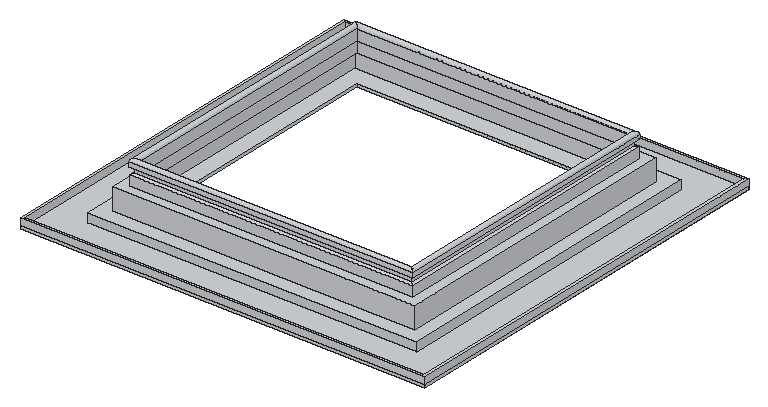
Revit family "3P-SURFACE MOUNTED", category Air Terminals, Revit 2018
Family settings
  Round Connector Dimension = Use Diameter
  Part Type = Normal
  OmniClass Number = 23.75.00.00
  OmniClass Title = Climate Control (HVAC)
  Work Plane-Based = No
  Always vertical = Yes
  Cut with Voids When Loaded = No
  Shared = No
  Room Calculation Point = No
Parameters (values of type "3P-SURFACE MOUNTED, STEEL, DUCT SIZE FROM 4" TO 999"")
  Up256 = 0' - 0 33/128"  # constant formula
  URL = "https://www.anemostat-hvac.com"
  Toe110 = 0' - 0 7/64"  # constant formula
  Thickness = 0' - 0 13/256"  # constant formula
  Order Size Width [instance] = if(Duct Size Width < Minimum Size, Minimum Size, if(Duct Size Width > Maximum Size, Maximum Size, Duct Size Width))  # 0' - 6"
  Order Size Height [instance] = if(Duct Size Height < Minimum Size, Minimum Size, if(Duct Size Height > Maximum Size, Maximum Size, Duct Size Height))  # 0' - 6"
  Offset7/16 = 0' - 0 7/16"  # constant formula
  Offset313 = 0' - 0 5/16"  # constant formula
  Offset3/16 = 0' - 0 3/16"  # constant formula
  Nose.087 = 0' - 0 35/256"  # constant formula
  Neck Height = 0' - 1 13/128"  # constant formula
  Neck Clearance = 0' - 0 1/8"  # constant formula
  Model = "3P"
  Minimum Size = 0' - 4"  # constant formula
  Maximum Size = 83' - 3"  # constant formula
  MATERIAL = PERFORATED FACE IN STEEL
  Manufacturer = "ANEMOSTAT"
  FrameNeck = 0' - 0 25/32"  # constant formula
  Frame Width = 0' - 1 7/32"  # constant formula
  Frame Flangeup = 0' - 0 3/16"  # constant formula
  FINISH = ARCTIC WHITE
  Duct Size Width [instance] = 0' - 6"
  Duct Size Height [instance] = 0' - 6"
  Description = "PERFORATED RETURN"
  Offset585 = 0' - 0 75/128"  # constant formula
  Angle120 = 120.00°  # constant formula
Types (3): name | MATERIAL
  (no name) | PERFORATED FACE IN STEEL
  3P-SURFACE MOUNTED, ALUM, DUCT SIZE FROM 4" TO 999" | PERFORATED FACE IN ALUMINUM
  3P-SURFACE MOUNTED, STEEL, DUCT SIZE FROM 4" TO 999" | PERFORATED FACE IN STEEL
Reference planes (in)
  plane 1 "Center (Front/Back)": y = 0
  plane 2: z = 0
  plane 3 "Center (Left/Right)": x = 0
  plane 4 "DuctTop": y = 3
  plane 5 "DuctBot": y = -3
  plane 6 "DuctLeft": x = -3
  plane 7 "DuctRight": x = 3
  plane 8 "FrameTop": y = 3.875
  plane 9 "FrameRight": x = 3.875
  plane 10 "FrameBot": y = -3.875
  plane 11 "FrameLeft": x = -3.875
Forms (in)
  Extrusion 1, solid
    sketch origin (0, 0, 0) x (1, 0, 0) y (0, 1, 0)
      loop
        line (-3.875, 3.875) -> (-3.875, -3.875) -> (3.875, -3.875) -> (3.875, 3.875) -> (-3.875, 3.875)
    from 0 to 0.05078
  Extrusion 2, void
    sketch origin (0, 0, 0) x (1, 0, 0) y (0, 1, 0)
      loop
        line (-2.65625, 2.65625) -> (-2.65625, -2.65625) -> (2.65625, -2.65625) -> (2.65625, 2.65625) -> (-2.65625, 2.65625)
    from 0 to 0.05078
  Sweep 3, solid
    path in 3D
      loop
        line (-2.65625, -2.65625, 0) -> (2.65625, -2.65625, 0) -> (2.65625, 2.65625, 0) -> (-2.65625, 2.65625, 0) -> (-2.65625, -2.65625, 0)
    profile origin (-2.65625, 0, 0) x (-1, 0, 0) y (0, 0, -1)
      loop
        line (1.21875, -0.1875) -> (1.21875, 0) -> (0, 0) -> (0, -0.05078) -> (0.44531, -0.05078) -> (0.44531, -0.17315) -> (0.1875, -0.17315) -> (0.1875, -0.58594) -> (0, -0.58594) -> (0, -0.8017) -> (-0.05078, -0.83102) -> (-0.05078, -1.04688)
        arc (-0.05078, -1.04688) -> (0.00391, -1.10156) -> (0.05859, -1.04688) r 0.05469
        line (0.05859, -1.04688) -> (0.05859, -0.96697) -> (0, -1.01931) -> (0, -0.86034) -> (0.05078, -0.83102) -> (0.05078, -0.63672) -> (0.23828, -0.63672) -> (0.23828, -0.22393) -> (0.49609, -0.22393) -> (0.49609, -0.05078) -> (1.16797, -0.05078) -> (1.16797, -0.1875) -> (1.21875, -0.1875)
Cuts and joins
  Extrusion 2 cuts Extrusion 1
Lines and regions (in)
  sketch lines
    curve 1: line (-2.65625, 2.65625, 0) -> (-2.65625, -2.65625, 0)
    curve 2: line (2.65625, 2.65625, 0) -> (-2.65625, 2.65625, 0)
    curve 3: line (2.65625, -2.65625, 0) -> (2.65625, 2.65625, 0)
    curve 4: line (-2.65625, -2.65625, 0) -> (2.65625, -2.65625, 0)
Dimensions and locks (in)
  equal spacing: plane 4 "DuctTop", plane 1 "Center (Front/Back)", plane 5 "DuctBot"
  equal spacing: plane 6 "DuctLeft", plane 3 "Center (Left/Right)", plane 7 "DuctRight"
  "Order Size Width": plane 6 "DuctLeft" to plane 7 "DuctRight"
  "Order Size Height": plane 4 "DuctTop" to plane 5 "DuctBot"
  equal spacing: plane 11 "FrameLeft", plane 3 "Center (Left/Right)", plane 9 "FrameRight"
  equal spacing: plane 10 "FrameBot", plane 1 "Center (Front/Back)", plane 8 "FrameTop"
  "Frame Width": plane 8 "FrameTop" to Extrusion 2 sketch curve
  "Frame Width": Extrusion 2 sketch curve to plane 9 "FrameRight"
  "Frame Width": plane 10 "FrameBot" to Extrusion 2 sketch curve
  "Frame Width": plane 11 "FrameLeft" to Extrusion 2 sketch curve
  "Thickness": Sweep 3 sketch curve to Sweep 3 sketch curve  (x6)
  plane 6 "DuctLeft" to Sweep 3 sketch curve = 0' - 0 11/32"
  "Offset3/16": profile plane to Sweep 3 sketch curve
  "Up256": Sweep 3 sketch curve to Sweep 3 sketch curve
  "Offset3/16": Sweep 3 sketch curve to cut or joined group of Extrusion 1, Extrusion 2
  "Thickness": Sweep 3 sketch curve to cut or joined group of Extrusion 1, Extrusion 2
  "Offset585": Sweep 3 sketch curve to cut or joined group of Extrusion 1, Extrusion 2
  locked: Sweep 3 sketch curve to cut or joined group of Extrusion 1, Extrusion 2 at 1.01931
  plane 11 "FrameLeft" to plane 9 "FrameRight" = 0' - 7 3/4"
  plane 8 "FrameTop" to plane 10 "FrameBot" = 0' - 7 3/4"
  plane 11 "FrameLeft" to plane 6 "DuctLeft" = 0' - 0 7/8"
  plane 7 "DuctRight" to plane 9 "FrameRight" = 0' - 0 7/8"  (x2)
  plane 8 "FrameTop" to plane 4 "DuctTop" = 0' - 0 7/8"  (x2)
  plane 10 "FrameBot" to plane 5 "DuctBot" = 0' - 0 7/8"
  locked: plane 11 "FrameLeft" to plane 6 "DuctLeft" at 0.875
  locked: plane 10 "FrameBot" to plane 5 "DuctBot" at 0.875
  "Angle120": angle Sweep 3 sketch curve to Sweep 3 sketch curve
  aligned and locked: level to plane 2
  aligned and locked: Extrusion 1 sketch curve to plane 8 "FrameTop"
  aligned and locked: plane 11 "FrameLeft" to Extrusion 1 sketch curve
  aligned and locked: Extrusion 1 sketch curve to plane 10 "FrameBot"
  aligned and locked: Extrusion 1 sketch curve to plane 9 "FrameRight"
  aligned and locked: cut or joined group of Extrusion 1, Extrusion 2 to Sweep 3 sketch curve
  aligned and locked: Sweep 3 sketch curve to cut or joined group of Extrusion 1, Extrusion 2
  aligned and locked: Sweep 3 sketch curve to Sweep 3 sketch curve  (x2)
  aligned and locked: profile plane to Sweep 3 sketch curve
Automatic sketch dimensions
  Sweep 3 sketch curve to profile plane = 0' - 0"
  Sweep 3 sketch curve to profile plane = 0' - 0 1/256"
  Sweep 3 sketch curve to Sweep 3 sketch curve = 0' - 0 13/256"  (x2)
  Sweep 3 sketch curve to Sweep 3 sketch curve = 0' - 0.17315"
  Sweep 3 sketch curve to Sweep 3 sketch curve = 0' - 0.10663"
  Sweep 3 sketch curve to Sweep 3 sketch curve = 0' - 0.05234"
  Sweep 3 sketch curve to Sweep 3 sketch curve = 0' - 0.02756"
Connectors (in)
  hvac at (0, 0, 0.22393), driven by "Duct Size Width", driven by "Duct Size Height"
    settings: on Sweep 3, index 1, duct flow 0 CFM, flow factor 0, pres drop 0.00 in-wg, loss coef 0, conn angle 0.00°, conn width 6", conn height 6", conn diameter 24", duct sys type 3, conn prof type 1, flow config 0, flow direction 2, loss method 0, conn ref index -1, conn util no, is conn primary yes, conn desc ""
